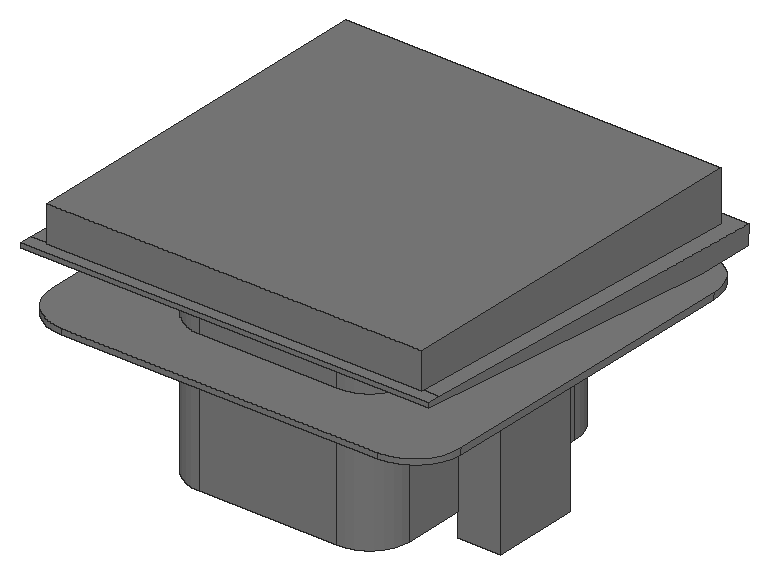
Revit family "Gira_012667", category Electrical Fixtures, host Face, Revit 2017
Family settings
  Host = Face
  Maintain Annotation Orientation = Yes
  Round Connector Dimension = Use Diameter
  Part Type = Normal
  Cut with Voids When Loaded = No
  Shared = No
  Room Calculation Point = No
Parameters (values of type "Tastschalter AusWe Gira TX_44 (WG UP) Anthrazit")
  Zusammenstellung = "Basiselement mit zentraler Abdeckplatte"
  Werkstoffgüte = "Thermoplast"
  Werkstoff = "sonstige"
  Waschmaschinenschalter = "No"
  URL = "http://katalog.gira.de/de_DE/datenblatt.html?artikelnr=012667"
  Textfeld/Beschriftungsfläche = "nein"
  Tastschalter = "Yes"
  Schaltungsart = "Wechselschalter"
  Rückmeldekontakt = "No"
  Region = "DE"
  Oberfläche = "sonstige"
  Nennspannung = "250 Volt"
  Name = "Tastschalter AusWe Gira TX_44 (WG UP) Anthrazit"
  Montageart = "unter Putz"
  Mit Montageplatte = "No"
  Manufacturer URL = "https://www.gira.de/"
  Keynote = "TX44_Komplettgerät_Schalten und Tasten"
  HeinzeBIM = "https://bimportal.heinze.de/bim/tastschalter-auswe-gira-tx-44-wg-up-anthrazit/47d0ba436702a1adcca7978639b4c042f9a18ac0"
  Halogenfrei = "No"
  HAN = "012667"
  Geeignet für Schutzart (IP) = "IP44"
  GTIN = "4010337126676"
  Farbe = "anthrazit"
  Default Elevation = 1219.2 mm
  Data sheet (1) = "https://katalog.gira.de/de_DE/download.html?artikelnr=012667"
  Category = "Installationsschalter"
  Bemessungsstrom = "10 Ampere"
  Beleuchtung = "nein"
  Befestigungsart = "Krallen-/Schraubbefestigung"
  Bedienungsart = "Wippe/Taste"
  Available = "Yes"
  Anzahl der Module (bei Modulbauweise) = "1 "
  Anzahl der Betätigungswippen = "1 "
  Anschlussart = "Steckklemme"
Reference planes
  plane 1 "Center (Front/Back)": y = 0
  plane 2 "Reference Level 0": z = 0
  plane 3 "Center (Left/Right)": x = 0
  plane 4: z = -28.6
Forms (mm)
  Extrusion 1, solid, material "Default", detail levels fine
    sketch origin (0, 0, 0) x (1, 0, 0) y (0, 1, 0)
      loop
        line (-32.604, 32.5) -> (-32.604, -32.5) -> (32.735, -32.5) -> (32.735, 32.5) -> (-32.604, 32.5)
    from 0 to 12.3
  Extrusion 2, solid, material "Default", detail levels fine
    sketch origin (0, 0, 0) x (0, 1, 0) y (0, 0, 1)
      loop
        line (35, 3.483) -> (-32.2, 6) -> (-34.55, 6) -> (-34.536, 5.199) -> (24.886, 0) -> (34.939, 0) -> (35, 3.483)
    from -35.5 to 35.5
  Extrusion 3, void
    sketch origin (0, 0, 0) x (0, 1, 0) y (0, 0, 1)
      loop
        line (42.419, 3.205) -> (-32.2, 6) -> (-42.193, 6) -> (-42.193, -11.826) -> (42.419, -11.826) -> (42.419, 3.205)
    from -64.194 to 61.264
  Extrusion 4, solid, material "Default", detail levels fine
    sketch origin (0, 0, 0) x (1, 0, 0) y (0, 1, 0)
      loop
        arc (35.5, 27.5) -> (33.157, 33.157) -> (27.5, 35.5) r 8
        line (27.5, 35.5) -> (-27.5, 35.5)
        arc (-27.5, 35.5) -> (-33.157, 33.157) -> (-35.5, 27.5) r 8
        line (-35.5, 27.5) -> (-35.5, -27.5)
        arc (-35.5, -27.5) -> (-33.157, -33.157) -> (-27.5, -35.5) r 8
        line (-27.5, -35.5) -> (27.5, -35.5)
        arc (27.5, -35.5) -> (33.157, -33.157) -> (35.5, -27.5) r 8
        line (35.5, -27.5) -> (35.5, 27.5)
    from -4.1 to -5.1
  Extrusion 5, solid, material "Default", detail levels fine
    sketch origin (0, 0, 0) x (1, 0, 0) y (0, 1, 0)
      loop
        arc (-12, 25) -> (-16.95, 22.95) -> (-19, 18) r 7
        line (-19, 18) -> (-19, -18)
        arc (-19, -18) -> (-16.95, -22.95) -> (-12, -25) r 7
        line (-12, -25) -> (12, -25)
        arc (12, -25) -> (16.95, -22.95) -> (19, -18) r 7
        line (19, -18) -> (19, 18)
        arc (19, 18) -> (16.95, 22.95) -> (12, 25) r 7
        line (12, 25) -> (-12, 25)
    from 4.692 to -28.6
  Extrusion 6, solid, material "Default", detail levels fine
    sketch origin (0, 0, 0) x (1, 0, 0) y (0, 1, 0)
      loop
        line (-26.5, -7.5) -> (-19, -7.5) -> (-19, 7.5) -> (-26.5, 7.5) -> (-26.5, -7.5)
    from -5.1 to -32.6
  Extrusion 7, solid, material "Default", detail levels fine
    sketch origin (0, 0, 0) x (-1, 0, 0) y (0, -1, 0)
      loop
        line (-26.5, 7.5) -> (-26.5, -7.5) -> (-19, -7.5) -> (-19, 7.5) -> (-26.5, 7.5)
    from -5.1 to -32.6
  Extrusion 8, solid, material "Default", detail levels medium
    sketch origin (0, 0, 0) x (1, 0, 0) y (0, 1, 0)
      loop
        line (-32.604, 32.5) -> (-32.604, -32.5) -> (32.735, -32.5) -> (32.735, 32.5) -> (-32.604, 32.5)
    from 0 to 12.3
  Extrusion 9, solid, material "Default", detail levels medium
    sketch origin (0, 0, 0) x (0, 1, 0) y (0, 0, 1)
      loop
        line (35, 3.483) -> (-32.2, 6) -> (-34.55, 6) -> (-34.445, 0) -> (34.939, 0) -> (35, 3.483)
    from -35.5 to 35.5
  Extrusion 10, solid, material "Default", detail levels medium
    sketch origin (0, 0, 0) x (1, 0, 0) y (0, 1, 0)
      loop
        line (-26.5, 25) -> (-26.5, -25) -> (26.5, -25) -> (26.5, 25) -> (-26.5, 25)
    from 4.692 to -32.6
  Extrusion 11, solid, material "Default", detail levels medium
    sketch origin (0, 0, 0) x (1, 0, 0) y (0, 1, 0)
      loop
        line (35.5, 35.5) -> (-35.5, 35.5) -> (-35.5, -35.5) -> (35.5, -35.5) -> (35.5, 35.5)
    from -4.1 to -5.1
  Extrusion 12, solid, material "Default", detail levels coarse
    sketch origin (0, 0, 0) x (1, 0, 0) y (0, 1, 0)
      loop
        line (35.5, 35.5) -> (-35.5, 35.5) -> (-35.5, -35.5) -> (35.5, -35.5) -> (35.5, 35.5)
    from -32.6 to 12.3
Cuts and joins
  Extrusion 3 cuts Extrusion 1
  joined: Extrusion 1, Extrusion 2, Extrusion 4, Extrusion 5, Extrusion 6, Extrusion 7
Dimensions and locks
  Extrusion 12 to Extrusion 12 = 44.9 mm
  aligned and locked: plane 2 "Reference Level 0" to host face
  aligned and locked: level to host face
  aligned and locked: plane 3 "Center (Left/Right)" to nested 1
  aligned and locked: plane 1 "Center (Front/Back)" to nested 1
Nested families
  nested 1: "Schalter" at (0, 0, 0), type "Schalter"
Connectors
  electrical at (0, 0, -32.6)
    settings: on Extrusion 12, index 1, voltage 220 V, apparent load 0 VA, apparent load phase1 0 VA, apparent load phase2 0 VA, apparent load phase3 0 VA, power factor 1, load classification "Other", number of poles 1, system type 30, power factor state 1, is connector primary yes, connector utility no, sub classification motor no, connector description ""
Definition of nested family "Schalter"
  Reference planes
    plane 1: y = 0
    plane 2: x = 0
  Lines and regions (mm)
    detail lines
      curve 1: circle (1.375, 2.778, 0) r 0.8 normal (0, 0, 1)
      curve 2: line (1.021, 2.061, 0) -> (0, 0, 0)
      curve 3: line (0, 0, 0) -> (-0.538, 0.266, 0)
  Dimensions and locks
    curve 2 to curve 2 = 2.3 mm
    curve 3 to curve 2 = 0.6 mm
    radius of curve 1 = 0.8 mm
